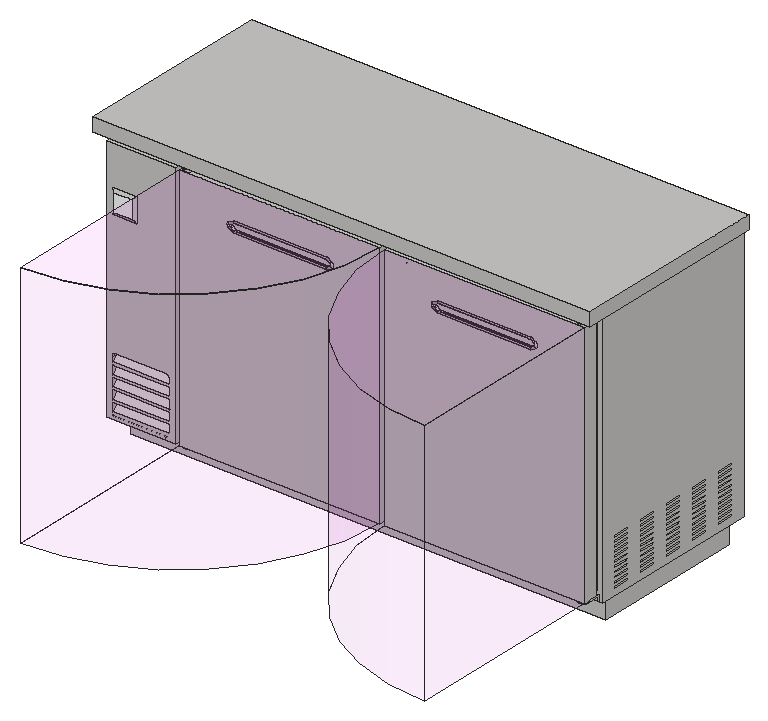
Revit family "QF_Kelvinator_738306_KCHBB60SS", category Specialty Equipment, Revit 2021
Family settings
  Round Connector Dimension = Use Diameter
  Part Type = Normal
  Work Plane-Based = No
  Always vertical = Yes
  Cut with Voids When Loaded = No
  Shared = No
  Room Calculation Point = No
Parameters
  Weight in Pounds = 242.508
  Weight = 112.00 lbm
  Watts = 0 W
  Volts = 115 V
  URL Manufacturer = "KELVINATOR"
  URL Cutsheet = ""
  URL = "KELVINATOR"
  Specification by User = ""
  Specification by Manufacturer = ""
  Serial Number = ""
  Seismic Rating = ""
  SMACNA No = ""
  Revision Code = ""
  Refrigerant Type = "R290"
  Phase = 1
  Number of Poles = 1
  NAFEM Spec ID Number = ""
  Model = "KCHBB60SS"
  Min Ckt Ampacity = 0 A
  Max Overcurrent Protection = 0 A
  Masterspec = ""
  Manufacturer = "Kelvinator"
  Length Actual = 1551"
  Length = 61.063"
  Item Number = "738306"
  Installed By = ""
  Identify Quantity as Lot = yes
  Height Actual = 920"
  Height = 36 1/4"
  HP = "0.4 HP"
  Gas KW = 0
  Furnished By = ""
  Foodservice Equipment Identifier = yes
  FL Amps = 3 A
  Electrical Remarks = ""
  Electric Connection Type = ""
  Elec Conn RI Height = 0"
  Elec Conn Connection Height = 0"
  Description = "2-SOLID DOOR BACK BAR COOLER STAINLESS STEEL 61\" LONG"
  Depth Actual = 620"
  Depth = 24 7/16"
  Default Elevation = 0"
  Cycle = 60 Hz
  Conn Plug = "5-15P"
  Conn Conduit = yes
  CSI MasterFormat = ""
  Apparent Power = 0 VA
  Accessory = no
Reference planes (in)
  plane 1 "BACK": y = 0
  plane 2: z = 0
  plane 3 "LEFT": x = 0
  plane 4 "RIGHT": x = 61.063
  plane 5 "FRONT": y = -24.4375
  plane 6 "TOP": z = 36.25
  plane 7 "Center Y": x = 30.5315
  plane 8 "Center X": y = -12.21875
Dimensions and locks (in)
  equal spacing: plane 3 "LEFT", plane 7 "Center Y", plane 4 "RIGHT"
  "Length": plane 3 "LEFT" to plane 4 "RIGHT"
  equal spacing: plane 5 "FRONT", plane 8 "Center X", plane 1 "BACK"
  "Depth": plane 5 "FRONT" to plane 1 "BACK"
  "Height": plane 6 "TOP" to level
  aligned and locked: level to plane 2
Nested families (in)
  nested 1: "KCHBB48S" at (0, 0, 0), type "KCHBB48S"
    with Show Clearance yes
Connectors (in)
  electrical at (30.53, -0.84, 1.40625), driven by "Volts", driven by "Watts"
    settings: on nested 1, index 1, voltage 115 V, apparent load 0 VA, apparent load phase1 0 VA, apparent load phase2 0 VA, apparent load phase3 0 VA, power factor 1, load classification "Other", number of poles 1, system type 30, power factor state 1, is connector primary yes, connector utility no, sub classification motor no, connector description ""
Definition of nested family "KCHBB48S"
  Parameters (values of type "KCHBB48S")
    Weight in Pounds = 0
    URL Cutsheet = ""
    Specification by User = ""
    Specification by Manufacturer = ""
    Show Clearance [instance] = yes
    Serial Number = ""
    Seismic Rating = ""
    SMACNA No = ""
    Revision Code = ""
    NAFEM Spec ID Number = ""
    Masterspec = ""
    Length = 61.063"
    Item Number = ""
    Installed By = ""
    Identify Quantity as Lot = yes
    Height = 36 1/4"
    Furnished By = ""
    Foodservice Equipment Identifier = yes
    Depth = 24 7/16"
    Default Elevation = 0"
    CSI MasterFormat = ""
  Reference planes (in)
    plane 1 "BACK": y = 0
    plane 2: z = 0
    plane 3 "LEFT": x = 0
    plane 4 "RIGHT": x = 61.063
    plane 5 "FRONT": y = -24.4375
    plane 6 "TOP": z = 36.25
    plane 7 "Center Y": x = 30.5315
    plane 8 "Center X": y = -12.21875
    plane 9: x = 60.46925
    plane 10: x = 0.59675
    plane 11: x = 59.96925
    plane 12: x = 35.36925
    plane 13: x = 34.86875
    plane 14: x = 10.26875
    plane 15: x = 9.68375
    plane 16: x = 1.18375
    plane 17: z = 2.75
    plane 18: z = 34.5875
    plane 19: y = -40.8
    plane 20: y = -21.6
    plane 21: x = 1.34375
    plane 22: x = 59.71925
    plane 23: y = -1.34
    plane 24: y = -20.26
    plane 25: z = 33.8375
    plane 26: z = 3.4375
    plane 27: y = -22.1
    plane 28: x = 1.93375
    plane 29: x = 8.93375
  Forms (in)
    Extrusion 1, solid
      sketch origin (0.59675, -180, -2.6612) x (0, 0, -1) y (0, -1, 0)
        loop
          line (-5.4112, -180) -> (-5.4112, -158.4) -> (-37.2487, -158.4) -> (-37.2487, -180) -> (-5.4112, -180)
      from 0 to -59.8725
    Extrusion 2, solid
      sketch origin (0, 0, 0) x (0, 1, 0) y (0, 0, 1)
        loop
          line (-24.4375, 36.25) -> (-24.4375, 34.5875) -> (0, 34.5875) -> (0, 36.25) -> (-24.4375, 36.25)
      from 0 to 61.063
    Extrusion 3, solid
      sketch origin (0, -1.34, 0) x (0, 0, -1) y (1, 0, 0)
        loop
          line (-2.75, 1.34375) -> (0, 1.34375) -> (0, 59.71925) -> (-2.75, 59.71925) -> (-2.75, 1.34375)
      from 0 to 18.92
    Extrusion 4, solid
      sketch origin (0, -22.1, 34.5875) x (0, 0, 1) y (1, 0, 0)
        loop
          line (-0.75, 1.18375) -> (-0.75, 9.68375) -> (-31.15, 9.68375) -> (-31.15, 1.18375) -> (-0.75, 1.18375)
      from 0.5 to -1.75
    Extrusion 5, void
      sketch origin (1.93375, -180, 12.66737) x (0, 0, -1) y (0, -1, 0)
        loop
          line (8.97987, -157.025) -> (8.97987, -154.65) -> (1.85487, -154.65) -> (1.85487, -157.025) -> (2.10487, -157.025) -> (2.97987, -156.15) -> (3.22987, -156.15) -> (3.22987, -157.025) -> (3.47987, -157.025) -> (4.35487, -156.15) -> (4.60487, -156.15) -> (4.60487, -157.025) -> (4.85487, -157.025) -> (5.72987, -156.15) -> (5.97987, -156.15) -> (5.97987, -157.025) -> (6.22987, -157.025) -> (7.10487, -156.15) -> (7.35487, -156.15) -> (7.35487, -157.025) -> (7.60487, -157.025) -> (8.47987, -156.15) -> (8.72987, -156.15) -> (8.72987, -157.025) -> (8.97987, -157.025)
      from 0 to -7
    Extrusion 6, solid
      sketch origin (59.96925, -23.85, 3.4375) x (0, 0, 1) y (-1, 0, 0)
        loop
          line (7.375, 51.5355) -> (7.375, 57.5355)
          arc (7.375, 57.5355) -> (7.22855, 57.88905) -> (6.875, 58.0355) r 0.5
          line (6.875, 58.0355) -> (0.75, 58.0355)
          arc (0.75, 58.0355) -> (0.39645, 57.88905) -> (0.25, 57.5355) r 0.5
          line (0.25, 57.5355) -> (0.25, 51.5355)
          arc (0.25, 51.5355) -> (0.39645, 51.18195) -> (0.75, 51.0355) r 0.5
          line (0.75, 51.0355) -> (6.875, 51.0355)
          arc (6.875, 51.0355) -> (7.22855, 51.18195) -> (7.375, 51.5355) r 0.5
        loop
          line (7.625, 51.5355) -> (7.625, 57.5355)
          arc (7.625, 57.5355) -> (7.40533, 58.06583) -> (6.875, 58.2855) r 0.75
          line (6.875, 58.2855) -> (0.75, 58.2855)
          arc (0.75, 58.2855) -> (0.21967, 58.06583) -> (0, 57.5355) r 0.75
          line (0, 57.5355) -> (0, 51.5355)
          arc (0, 51.5355) -> (0.21967, 51.00517) -> (0.75, 50.7855) r 0.75
          line (0.75, 50.7855) -> (6.875, 50.7855)
          arc (6.875, 50.7855) -> (7.40533, 51.00517) -> (7.625, 51.5355) r 0.75
      from 0 to -0.875
    Blend 7, solid
      base sketch origin (59.96925, -23.85, 3.4375) x (0, 0, 1) y (-1, 0, 0)
        loop
          line (25.18493, 57.65075) -> (22.93493, 57.65075) -> (22.93493, 55.40075) -> (25.18493, 55.40075) -> (25.18493, 57.65075)
      top sketch origin (59.96925, -23.85, 3.4375) x (0, 0, 1) y (-1, 0, 0)
        loop
          line (25.56493, 58.03075) -> (22.55493, 58.03075) -> (22.55493, 55.02075) -> (25.56493, 55.02075) -> (25.56493, 58.03075)
      from 0.21643 to 0
    Extrusion 8, void
      sketch origin (0.59675, -180, -2.6612) x (0, 0, 1) y (0, -1, 0)
        loop
          arc (12.13379, -160.16063) -> (11.97754, -160.00438) -> (11.82129, -160.16063) r 0.15625
          line (11.82129, -160.16063) -> (11.82129, -162.09813)
          arc (11.82129, -162.09813) -> (11.97754, -162.25438) -> (12.13379, -162.09813) r 0.15625
          line (12.13379, -162.09813) -> (12.13379, -160.16063)
        loop
          arc (11.57129, -160.16063) -> (11.41504, -160.00438) -> (11.25879, -160.16063) r 0.15625
          line (11.25879, -160.16063) -> (11.25879, -162.09813)
          arc (11.25879, -162.09813) -> (11.41504, -162.25438) -> (11.57129, -162.09813) r 0.15625
          line (11.57129, -162.09813) -> (11.57129, -160.16063)
        loop
          arc (11.00879, -160.16063) -> (10.85254, -160.00438) -> (10.69629, -160.16063) r 0.15625
          line (10.69629, -160.16063) -> (10.69629, -162.09813)
          arc (10.69629, -162.09813) -> (10.85254, -162.25438) -> (11.00879, -162.09813) r 0.15625
          line (11.00879, -162.09813) -> (11.00879, -160.16063)
        loop
          arc (10.44629, -160.16063) -> (10.29004, -160.00438) -> (10.13379, -160.16063) r 0.15625
          line (10.13379, -160.16063) -> (10.13379, -162.09813)
          arc (10.13379, -162.09813) -> (10.29004, -162.25438) -> (10.44629, -162.09813) r 0.15625
          line (10.44629, -162.09813) -> (10.44629, -160.16063)
        loop
          arc (9.88379, -160.16063) -> (9.72754, -160.00438) -> (9.57129, -160.16063) r 0.15625
          line (9.57129, -160.16063) -> (9.57129, -162.09813)
          arc (9.57129, -162.09813) -> (9.72754, -162.25438) -> (9.88379, -162.09813) r 0.15625
          line (9.88379, -162.09813) -> (9.88379, -160.16063)
        loop
          arc (9.32129, -160.16063) -> (9.16504, -160.00438) -> (9.00879, -160.16063) r 0.15625
          line (9.00879, -160.16063) -> (9.00879, -162.09813)
          arc (9.00879, -162.09813) -> (9.16504, -162.25438) -> (9.32129, -162.09813) r 0.15625
          line (9.32129, -162.09813) -> (9.32129, -160.16063)
        loop
          arc (8.75879, -160.16063) -> (8.60254, -160.00438) -> (8.44629, -160.16063) r 0.15625
          line (8.44629, -160.16063) -> (8.44629, -162.09813)
          arc (8.44629, -162.09813) -> (8.60254, -162.25438) -> (8.75879, -162.09813) r 0.15625
          line (8.75879, -162.09813) -> (8.75879, -160.16063)
        loop
          arc (8.19629, -160.16063) -> (8.04004, -160.00438) -> (7.88379, -160.16063) r 0.15625
          line (7.88379, -160.16063) -> (7.88379, -162.09813)
          arc (7.88379, -162.09813) -> (8.04004, -162.25438) -> (8.19629, -162.09813) r 0.15625
          line (8.19629, -162.09813) -> (8.19629, -160.16063)
        loop
          arc (7.63379, -160.16063) -> (7.47754, -160.00438) -> (7.32129, -160.16063) r 0.15625
          line (7.32129, -160.16063) -> (7.32129, -162.09813)
          arc (7.32129, -162.09813) -> (7.47754, -162.25438) -> (7.63379, -162.09813) r 0.15625
          line (7.63379, -162.09813) -> (7.63379, -160.16063)
        loop
          arc (7.07129, -160.16063) -> (6.91504, -160.00438) -> (6.75879, -160.16063) r 0.15625
          line (6.75879, -160.16063) -> (6.75879, -162.09813)
          arc (6.75879, -162.09813) -> (6.91504, -162.25438) -> (7.07129, -162.09813) r 0.15625
          line (7.07129, -162.09813) -> (7.07129, -160.16063)
        loop
          arc (6.50879, -160.16063) -> (6.35254, -160.00438) -> (6.19629, -160.16063) r 0.15625
          line (6.19629, -160.16063) -> (6.19629, -162.09813)
          arc (6.19629, -162.09813) -> (6.35254, -162.25438) -> (6.50879, -162.09813) r 0.15625
          line (6.50879, -162.09813) -> (6.50879, -160.16063)
        loop
          arc (12.13379, -164.16063) -> (11.97754, -164.00438) -> (11.82129, -164.16063) r 0.15625
          line (11.82129, -164.16063) -> (11.82129, -166.09813)
          arc (11.82129, -166.09813) -> (11.97754, -166.25438) -> (12.13379, -166.09813) r 0.15625
          line (12.13379, -166.09813) -> (12.13379, -164.16063)
        loop
          arc (11.57129, -164.16063) -> (11.41504, -164.00438) -> (11.25879, -164.16063) r 0.15625
          line (11.25879, -164.16063) -> (11.25879, -166.09813)
          arc (11.25879, -166.09813) -> (11.41504, -166.25438) -> (11.57129, -166.09813) r 0.15625
          line (11.57129, -166.09813) -> (11.57129, -164.16063)
        loop
          arc (11.00879, -164.16063) -> (10.85254, -164.00438) -> (10.69629, -164.16063) r 0.15625
          line (10.69629, -164.16063) -> (10.69629, -166.09813)
          arc (10.69629, -166.09813) -> (10.85254, -166.25438) -> (11.00879, -166.09813) r 0.15625
          line (11.00879, -166.09813) -> (11.00879, -164.16063)
        loop
          arc (10.44629, -164.16063) -> (10.29004, -164.00438) -> (10.13379, -164.16063) r 0.15625
          line (10.13379, -164.16063) -> (10.13379, -166.09813)
          arc (10.13379, -166.09813) -> (10.29004, -166.25438) -> (10.44629, -166.09813) r 0.15625
          line (10.44629, -166.09813) -> (10.44629, -164.16063)
        loop
          arc (9.88379, -164.16063) -> (9.72754, -164.00438) -> (9.57129, -164.16063) r 0.15625
          line (9.57129, -164.16063) -> (9.57129, -166.09813)
          arc (9.57129, -166.09813) -> (9.72754, -166.25438) -> (9.88379, -166.09813) r 0.15625
          line (9.88379, -166.09813) -> (9.88379, -164.16063)
        loop
          arc (9.32129, -164.16063) -> (9.16504, -164.00438) -> (9.00879, -164.16063) r 0.15625
          line (9.00879, -164.16063) -> (9.00879, -166.09813)
          arc (9.00879, -166.09813) -> (9.16504, -166.25438) -> (9.32129, -166.09813) r 0.15625
          line (9.32129, -166.09813) -> (9.32129, -164.16063)
        loop
          arc (8.75879, -164.16063) -> (8.60254, -164.00438) -> (8.44629, -164.16063) r 0.15625
          line (8.44629, -164.16063) -> (8.44629, -166.09813)
          arc (8.44629, -166.09813) -> (8.60254, -166.25438) -> (8.75879, -166.09813) r 0.15625
          line (8.75879, -166.09813) -> (8.75879, -164.16063)
        loop
          arc (8.19629, -164.16063) -> (8.04004, -164.00438) -> (7.88379, -164.16063) r 0.15625
          line (7.88379, -164.16063) -> (7.88379, -166.09813)
          arc (7.88379, -166.09813) -> (8.04004, -166.25438) -> (8.19629, -166.09813) r 0.15625
          line (8.19629, -166.09813) -> (8.19629, -164.16063)
        loop
          arc (7.63379, -164.16063) -> (7.47754, -164.00438) -> (7.32129, -164.16063) r 0.15625
          line (7.32129, -164.16063) -> (7.32129, -166.09813)
          arc (7.32129, -166.09813) -> (7.47754, -166.25438) -> (7.63379, -166.09813) r 0.15625
          line (7.63379, -166.09813) -> (7.63379, -164.16063)
        loop
          arc (7.07129, -164.16063) -> (6.91504, -164.00438) -> (6.75879, -164.16063) r 0.15625
          line (6.75879, -164.16063) -> (6.75879, -166.09813)
          arc (6.75879, -166.09813) -> (6.91504, -166.25438) -> (7.07129, -166.09813) r 0.15625
          line (7.07129, -166.09813) -> (7.07129, -164.16063)
        loop
          arc (6.50879, -164.16063) -> (6.35254, -164.00438) -> (6.19629, -164.16063) r 0.15625
          line (6.19629, -164.16063) -> (6.19629, -166.09813)
          arc (6.19629, -166.09813) -> (6.35254, -166.25438) -> (6.50879, -166.09813) r 0.15625
          line (6.50879, -166.09813) -> (6.50879, -164.16063)
        loop
          arc (12.13379, -168.16063) -> (11.97754, -168.00438) -> (11.82129, -168.16063) r 0.15625
          line (11.82129, -168.16063) -> (11.82129, -170.09813)
          arc (11.82129, -170.09813) -> (11.97754, -170.25438) -> (12.13379, -170.09813) r 0.15625
          line (12.13379, -170.09813) -> (12.13379, -168.16063)
        loop
          arc (11.57129, -168.16063) -> (11.41504, -168.00438) -> (11.25879, -168.16063) r 0.15625
          line (11.25879, -168.16063) -> (11.25879, -170.09813)
          arc (11.25879, -170.09813) -> (11.41504, -170.25438) -> (11.57129, -170.09813) r 0.15625
          line (11.57129, -170.09813) -> (11.57129, -168.16063)
        loop
          arc (11.00879, -168.16063) -> (10.85254, -168.00438) -> (10.69629, -168.16063) r 0.15625
          line (10.69629, -168.16063) -> (10.69629, -170.09813)
          arc (10.69629, -170.09813) -> (10.85254, -170.25438) -> (11.00879, -170.09813) r 0.15625
          line (11.00879, -170.09813) -> (11.00879, -168.16063)
        loop
          arc (10.44629, -168.16063) -> (10.29004, -168.00438) -> (10.13379, -168.16063) r 0.15625
          line (10.13379, -168.16063) -> (10.13379, -170.09813)
          arc (10.13379, -170.09813) -> (10.29004, -170.25438) -> (10.44629, -170.09813) r 0.15625
          line (10.44629, -170.09813) -> (10.44629, -168.16063)
        loop
          arc (9.88379, -168.16063) -> (9.72754, -168.00438) -> (9.57129, -168.16063) r 0.15625
          line (9.57129, -168.16063) -> (9.57129, -170.09813)
          arc (9.57129, -170.09813) -> (9.72754, -170.25438) -> (9.88379, -170.09813) r 0.15625
          line (9.88379, -170.09813) -> (9.88379, -168.16063)
        loop
          arc (9.32129, -168.16063) -> (9.16504, -168.00438) -> (9.00879, -168.16063) r 0.15625
          line (9.00879, -168.16063) -> (9.00879, -170.09813)
          arc (9.00879, -170.09813) -> (9.16504, -170.25438) -> (9.32129, -170.09813) r 0.15625
          line (9.32129, -170.09813) -> (9.32129, -168.16063)
        loop
          arc (8.75879, -168.16063) -> (8.60254, -168.00438) -> (8.44629, -168.16063) r 0.15625
          line (8.44629, -168.16063) -> (8.44629, -170.09813)
          arc (8.44629, -170.09813) -> (8.60254, -170.25438) -> (8.75879, -170.09813) r 0.15625
          line (8.75879, -170.09813) -> (8.75879, -168.16063)
        loop
          arc (8.19629, -168.16063) -> (8.04004, -168.00438) -> (7.88379, -168.16063) r 0.15625
          line (7.88379, -168.16063) -> (7.88379, -170.09813)
          arc (7.88379, -170.09813) -> (8.04004, -170.25438) -> (8.19629, -170.09813) r 0.15625
          line (8.19629, -170.09813) -> (8.19629, -168.16063)
        loop
          arc (7.63379, -168.16063) -> (7.47754, -168.00438) -> (7.32129, -168.16063) r 0.15625
          line (7.32129, -168.16063) -> (7.32129, -170.09813)
          arc (7.32129, -170.09813) -> (7.47754, -170.25438) -> (7.63379, -170.09813) r 0.15625
          line (7.63379, -170.09813) -> (7.63379, -168.16063)
        loop
          arc (7.07129, -168.16063) -> (6.91504, -168.00438) -> (6.75879, -168.16063) r 0.15625
          line (6.75879, -168.16063) -> (6.75879, -170.09813)
          arc (6.75879, -170.09813) -> (6.91504, -170.25438) -> (7.07129, -170.09813) r 0.15625
          line (7.07129, -170.09813) -> (7.07129, -168.16063)
        loop
          arc (6.50879, -168.16063) -> (6.35254, -168.00438) -> (6.19629, -168.16063) r 0.15625
          line (6.19629, -168.16063) -> (6.19629, -170.09813)
          arc (6.19629, -170.09813) -> (6.35254, -170.25438) -> (6.50879, -170.09813) r 0.15625
          line (6.50879, -170.09813) -> (6.50879, -168.16063)
        loop
          arc (12.13379, -172.16063) -> (11.97754, -172.00438) -> (11.82129, -172.16063) r 0.15625
          line (11.82129, -172.16063) -> (11.82129, -174.09813)
          arc (11.82129, -174.09813) -> (11.97754, -174.25438) -> (12.13379, -174.09813) r 0.15625
          line (12.13379, -174.09813) -> (12.13379, -172.16063)
        loop
          arc (11.57129, -172.16063) -> (11.41504, -172.00438) -> (11.25879, -172.16063) r 0.15625
          line (11.25879, -172.16063) -> (11.25879, -174.09813)
          arc (11.25879, -174.09813) -> (11.41504, -174.25438) -> (11.57129, -174.09813) r 0.15625
          line (11.57129, -174.09813) -> (11.57129, -172.16063)
        loop
          arc (11.00879, -172.16063) -> (10.85254, -172.00438) -> (10.69629, -172.16063) r 0.15625
          line (10.69629, -172.16063) -> (10.69629, -174.09813)
          arc (10.69629, -174.09813) -> (10.85254, -174.25438) -> (11.00879, -174.09813) r 0.15625
          line (11.00879, -174.09813) -> (11.00879, -172.16063)
        loop
          arc (10.44629, -172.16063) -> (10.29004, -172.00438) -> (10.13379, -172.16063) r 0.15625
          line (10.13379, -172.16063) -> (10.13379, -174.09813)
          arc (10.13379, -174.09813) -> (10.29004, -174.25438) -> (10.44629, -174.09813) r 0.15625
          line (10.44629, -174.09813) -> (10.44629, -172.16063)
        loop
          arc (9.88379, -172.16063) -> (9.72754, -172.00438) -> (9.57129, -172.16063) r 0.15625
          line (9.57129, -172.16063) -> (9.57129, -174.09813)
          arc (9.57129, -174.09813) -> (9.72754, -174.25438) -> (9.88379, -174.09813) r 0.15625
          line (9.88379, -174.09813) -> (9.88379, -172.16063)
        loop
          arc (9.32129, -172.16063) -> (9.16504, -172.00438) -> (9.00879, -172.16063) r 0.15625
          line (9.00879, -172.16063) -> (9.00879, -174.09813)
          arc (9.00879, -174.09813) -> (9.16504, -174.25438) -> (9.32129, -174.09813) r 0.15625
          line (9.32129, -174.09813) -> (9.32129, -172.16063)
        loop
          arc (8.75879, -172.16063) -> (8.60254, -172.00438) -> (8.44629, -172.16063) r 0.15625
          line (8.44629, -172.16063) -> (8.44629, -174.09813)
          arc (8.44629, -174.09813) -> (8.60254, -174.25438) -> (8.75879, -174.09813) r 0.15625
          line (8.75879, -174.09813) -> (8.75879, -172.16063)
        loop
          arc (8.19629, -172.16063) -> (8.04004, -172.00438) -> (7.88379, -172.16063) r 0.15625
          line (7.88379, -172.16063) -> (7.88379, -174.09813)
          arc (7.88379, -174.09813) -> (8.04004, -174.25438) -> (8.19629, -174.09813) r 0.15625
          line (8.19629, -174.09813) -> (8.19629, -172.16063)
        loop
          arc (7.63379, -172.16063) -> (7.47754, -172.00438) -> (7.32129, -172.16063) r 0.15625
          line (7.32129, -172.16063) -> (7.32129, -174.09813)
          arc (7.32129, -174.09813) -> (7.47754, -174.25438) -> (7.63379, -174.09813) r 0.15625
          line (7.63379, -174.09813) -> (7.63379, -172.16063)
        loop
          arc (7.07129, -172.16063) -> (6.91504, -172.00438) -> (6.75879, -172.16063) r 0.15625
          line (6.75879, -172.16063) -> (6.75879, -174.09813)
          arc (6.75879, -174.09813) -> (6.91504, -174.25438) -> (7.07129, -174.09813) r 0.15625
          line (7.07129, -174.09813) -> (7.07129, -172.16063)
        loop
          arc (6.50879, -172.16063) -> (6.35254, -172.00438) -> (6.19629, -172.16063) r 0.15625
          line (6.19629, -172.16063) -> (6.19629, -174.09813)
          arc (6.19629, -174.09813) -> (6.35254, -174.25438) -> (6.50879, -174.09813) r 0.15625
          line (6.50879, -174.09813) -> (6.50879, -172.16063)
        loop
          arc (12.13379, -176.16063) -> (11.97754, -176.00438) -> (11.82129, -176.16063) r 0.15625
          line (11.82129, -176.16063) -> (11.82129, -178.09813)
          arc (11.82129, -178.09813) -> (11.97754, -178.25438) -> (12.13379, -178.09813) r 0.15625
          line (12.13379, -178.09813) -> (12.13379, -176.16063)
        loop
          arc (11.57129, -176.16063) -> (11.41504, -176.00438) -> (11.25879, -176.16063) r 0.15625
          line (11.25879, -176.16063) -> (11.25879, -178.09813)
          arc (11.25879, -178.09813) -> (11.41504, -178.25438) -> (11.57129, -178.09813) r 0.15625
          line (11.57129, -178.09813) -> (11.57129, -176.16063)
        loop
          arc (11.00879, -176.16063) -> (10.85254, -176.00438) -> (10.69629, -176.16063) r 0.15625
          line (10.69629, -176.16063) -> (10.69629, -178.09813)
          arc (10.69629, -178.09813) -> (10.85254, -178.25438) -> (11.00879, -178.09813) r 0.15625
          line (11.00879, -178.09813) -> (11.00879, -176.16063)
        loop
          arc (10.44629, -176.16063) -> (10.29004, -176.00438) -> (10.13379, -176.16063) r 0.15625
          line (10.13379, -176.16063) -> (10.13379, -178.09813)
          arc (10.13379, -178.09813) -> (10.29004, -178.25438) -> (10.44629, -178.09813) r 0.15625
          line (10.44629, -178.09813) -> (10.44629, -176.16063)
        loop
          arc (9.88379, -176.16063) -> (9.72754, -176.00438) -> (9.57129, -176.16063) r 0.15625
          line (9.57129, -176.16063) -> (9.57129, -178.09813)
          arc (9.57129, -178.09813) -> (9.72754, -178.25438) -> (9.88379, -178.09813) r 0.15625
          line (9.88379, -178.09813) -> (9.88379, -176.16063)
        loop
          arc (9.32129, -176.16063) -> (9.16504, -176.00438) -> (9.00879, -176.16063) r 0.15625
          line (9.00879, -176.16063) -> (9.00879, -178.09813)
          arc (9.00879, -178.09813) -> (9.16504, -178.25438) -> (9.32129, -178.09813) r 0.15625
          line (9.32129, -178.09813) -> (9.32129, -176.16063)
        loop
          arc (8.75879, -176.16063) -> (8.60254, -176.00438) -> (8.44629, -176.16063) r 0.15625
          line (8.44629, -176.16063) -> (8.44629, -178.09813)
          arc (8.44629, -178.09813) -> (8.60254, -178.25438) -> (8.75879, -178.09813) r 0.15625
          line (8.75879, -178.09813) -> (8.75879, -176.16063)
        loop
          arc (8.19629, -176.16063) -> (8.04004, -176.00438) -> (7.88379, -176.16063) r 0.15625
          line (7.88379, -176.16063) -> (7.88379, -178.09813)
          arc (7.88379, -178.09813) -> (8.04004, -178.25438) -> (8.19629, -178.09813) r 0.15625
          line (8.19629, -178.09813) -> (8.19629, -176.16063)
        loop
          arc (7.63379, -176.16063) -> (7.47754, -176.00438) -> (7.32129, -176.16063) r 0.15625
          line (7.32129, -176.16063) -> (7.32129, -178.09813)
          arc (7.32129, -178.09813) -> (7.47754, -178.25438) -> (7.63379, -178.09813) r 0.15625
          line (7.63379, -178.09813) -> (7.63379, -176.16063)
        loop
          arc (7.07129, -176.16063) -> (6.91504, -176.00438) -> (6.75879, -176.16063) r 0.15625
          line (6.75879, -176.16063) -> (6.75879, -178.09813)
          arc (6.75879, -178.09813) -> (6.91504, -178.25438) -> (7.07129, -178.09813) r 0.15625
          line (7.07129, -178.09813) -> (7.07129, -176.16063)
        loop
          arc (6.50879, -176.16063) -> (6.35254, -176.00438) -> (6.19629, -176.16063) r 0.15625
          line (6.19629, -176.16063) -> (6.19629, -178.09813)
          arc (6.19629, -178.09813) -> (6.35254, -178.25438) -> (6.50879, -178.09813) r 0.15625
          line (6.50879, -178.09813) -> (6.50879, -176.16063)
      from 0 to 0.03
    Extrusion 9, void
      sketch origin (60.46925, -180, -2.6612) x (0, 0, -1) y (0, -1, 0)
        loop
          line (-12.13379, -160.16063) -> (-12.13379, -162.09813)
          arc (-12.13379, -162.09813) -> (-11.97754, -162.25438) -> (-11.82129, -162.09813) r 0.15625
          line (-11.82129, -162.09813) -> (-11.82129, -160.16063)
          arc (-11.82129, -160.16063) -> (-11.97754, -160.00438) -> (-12.13379, -160.16063) r 0.15625
        loop
          line (-11.57129, -160.16063) -> (-11.57129, -162.09813)
          arc (-11.57129, -162.09813) -> (-11.41504, -162.25438) -> (-11.25879, -162.09813) r 0.15625
          line (-11.25879, -162.09813) -> (-11.25879, -160.16063)
          arc (-11.25879, -160.16063) -> (-11.41504, -160.00438) -> (-11.57129, -160.16063) r 0.15625
        loop
          line (-11.00879, -160.16063) -> (-11.00879, -162.09813)
          arc (-11.00879, -162.09813) -> (-10.85254, -162.25438) -> (-10.69629, -162.09813) r 0.15625
          line (-10.69629, -162.09813) -> (-10.69629, -160.16063)
          arc (-10.69629, -160.16063) -> (-10.85254, -160.00438) -> (-11.00879, -160.16063) r 0.15625
        loop
          line (-10.44629, -160.16063) -> (-10.44629, -162.09813)
          arc (-10.44629, -162.09813) -> (-10.29004, -162.25438) -> (-10.13379, -162.09813) r 0.15625
          line (-10.13379, -162.09813) -> (-10.13379, -160.16063)
          arc (-10.13379, -160.16063) -> (-10.29004, -160.00438) -> (-10.44629, -160.16063) r 0.15625
        loop
          line (-9.88379, -160.16063) -> (-9.88379, -162.09813)
          arc (-9.88379, -162.09813) -> (-9.72754, -162.25438) -> (-9.57129, -162.09813) r 0.15625
          line (-9.57129, -162.09813) -> (-9.57129, -160.16063)
          arc (-9.57129, -160.16063) -> (-9.72754, -160.00438) -> (-9.88379, -160.16063) r 0.15625
        loop
          line (-9.32129, -160.16063) -> (-9.32129, -162.09813)
          arc (-9.32129, -162.09813) -> (-9.16504, -162.25438) -> (-9.00879, -162.09813) r 0.15625
          line (-9.00879, -162.09813) -> (-9.00879, -160.16063)
          arc (-9.00879, -160.16063) -> (-9.16504, -160.00438) -> (-9.32129, -160.16063) r 0.15625
        loop
          line (-8.75879, -160.16063) -> (-8.75879, -162.09813)
          arc (-8.75879, -162.09813) -> (-8.60254, -162.25438) -> (-8.44629, -162.09813) r 0.15625
          line (-8.44629, -162.09813) -> (-8.44629, -160.16063)
          arc (-8.44629, -160.16063) -> (-8.60254, -160.00438) -> (-8.75879, -160.16063) r 0.15625
        loop
          line (-8.19629, -160.16063) -> (-8.19629, -162.09813)
          arc (-8.19629, -162.09813) -> (-8.04004, -162.25438) -> (-7.88379, -162.09813) r 0.15625
          line (-7.88379, -162.09813) -> (-7.88379, -160.16063)
          arc (-7.88379, -160.16063) -> (-8.04004, -160.00438) -> (-8.19629, -160.16063) r 0.15625
        loop
          line (-7.63379, -160.16063) -> (-7.63379, -162.09813)
          arc (-7.63379, -162.09813) -> (-7.47754, -162.25438) -> (-7.32129, -162.09813) r 0.15625
          line (-7.32129, -162.09813) -> (-7.32129, -160.16063)
          arc (-7.32129, -160.16063) -> (-7.47754, -160.00438) -> (-7.63379, -160.16063) r 0.15625
        loop
          line (-7.07129, -160.16063) -> (-7.07129, -162.09813)
          arc (-7.07129, -162.09813) -> (-6.91504, -162.25438) -> (-6.75879, -162.09813) r 0.15625
          line (-6.75879, -162.09813) -> (-6.75879, -160.16063)
          arc (-6.75879, -160.16063) -> (-6.91504, -160.00438) -> (-7.07129, -160.16063) r 0.15625
        loop
          line (-6.50879, -160.16063) -> (-6.50879, -162.09813)
          arc (-6.50879, -162.09813) -> (-6.35254, -162.25438) -> (-6.19629, -162.09813) r 0.15625
          line (-6.19629, -162.09813) -> (-6.19629, -160.16063)
          arc (-6.19629, -160.16063) -> (-6.35254, -160.00438) -> (-6.50879, -160.16063) r 0.15625
        loop
          line (-12.13379, -164.16063) -> (-12.13379, -166.09813)
          arc (-12.13379, -166.09813) -> (-11.97754, -166.25438) -> (-11.82129, -166.09813) r 0.15625
          line (-11.82129, -166.09813) -> (-11.82129, -164.16063)
          arc (-11.82129, -164.16063) -> (-11.97754, -164.00438) -> (-12.13379, -164.16063) r 0.15625
        loop
          line (-11.57129, -164.16063) -> (-11.57129, -166.09813)
          arc (-11.57129, -166.09813) -> (-11.41504, -166.25438) -> (-11.25879, -166.09813) r 0.15625
          line (-11.25879, -166.09813) -> (-11.25879, -164.16063)
          arc (-11.25879, -164.16063) -> (-11.41504, -164.00438) -> (-11.57129, -164.16063) r 0.15625
        loop
          line (-11.00879, -164.16063) -> (-11.00879, -166.09813)
          arc (-11.00879, -166.09813) -> (-10.85254, -166.25438) -> (-10.69629, -166.09813) r 0.15625
          line (-10.69629, -166.09813) -> (-10.69629, -164.16063)
          arc (-10.69629, -164.16063) -> (-10.85254, -164.00438) -> (-11.00879, -164.16063) r 0.15625
        loop
          line (-10.44629, -164.16063) -> (-10.44629, -166.09813)
          arc (-10.44629, -166.09813) -> (-10.29004, -166.25438) -> (-10.13379, -166.09813) r 0.15625
          line (-10.13379, -166.09813) -> (-10.13379, -164.16063)
          arc (-10.13379, -164.16063) -> (-10.29004, -164.00438) -> (-10.44629, -164.16063) r 0.15625
        loop
          line (-9.88379, -164.16063) -> (-9.88379, -166.09813)
          arc (-9.88379, -166.09813) -> (-9.72754, -166.25438) -> (-9.57129, -166.09813) r 0.15625
          line (-9.57129, -166.09813) -> (-9.57129, -164.16063)
          arc (-9.57129, -164.16063) -> (-9.72754, -164.00438) -> (-9.88379, -164.16063) r 0.15625
        loop
          line (-9.32129, -164.16063) -> (-9.32129, -166.09813)
          arc (-9.32129, -166.09813) -> (-9.16504, -166.25438) -> (-9.00879, -166.09813) r 0.15625
          line (-9.00879, -166.09813) -> (-9.00879, -164.16063)
          arc (-9.00879, -164.16063) -> (-9.16504, -164.00438) -> (-9.32129, -164.16063) r 0.15625
        loop
          line (-8.75879, -164.16063) -> (-8.75879, -166.09813)
          arc (-8.75879, -166.09813) -> (-8.60254, -166.25438) -> (-8.44629, -166.09813) r 0.15625
          line (-8.44629, -166.09813) -> (-8.44629, -164.16063)
          arc (-8.44629, -164.16063) -> (-8.60254, -164.00438) -> (-8.75879, -164.16063) r 0.15625
        loop
          line (-8.19629, -164.16063) -> (-8.19629, -166.09813)
          arc (-8.19629, -166.09813) -> (-8.04004, -166.25438) -> (-7.88379, -166.09813) r 0.15625
          line (-7.88379, -166.09813) -> (-7.88379, -164.16063)
          arc (-7.88379, -164.16063) -> (-8.04004, -164.00438) -> (-8.19629, -164.16063) r 0.15625
        loop
          line (-7.63379, -164.16063) -> (-7.63379, -166.09813)
          arc (-7.63379, -166.09813) -> (-7.47754, -166.25438) -> (-7.32129, -166.09813) r 0.15625
          line (-7.32129, -166.09813) -> (-7.32129, -164.16063)
          arc (-7.32129, -164.16063) -> (-7.47754, -164.00438) -> (-7.63379, -164.16063) r 0.15625
        loop
          line (-7.07129, -164.16063) -> (-7.07129, -166.09813)
          arc (-7.07129, -166.09813) -> (-6.91504, -166.25438) -> (-6.75879, -166.09813) r 0.15625
          line (-6.75879, -166.09813) -> (-6.75879, -164.16063)
          arc (-6.75879, -164.16063) -> (-6.91504, -164.00438) -> (-7.07129, -164.16063) r 0.15625
        loop
          line (-6.50879, -164.16063) -> (-6.50879, -166.09813)
          arc (-6.50879, -166.09813) -> (-6.35254, -166.25438) -> (-6.19629, -166.09813) r 0.15625
          line (-6.19629, -166.09813) -> (-6.19629, -164.16063)
          arc (-6.19629, -164.16063) -> (-6.35254, -164.00438) -> (-6.50879, -164.16063) r 0.15625
        loop
          line (-12.13379, -168.16063) -> (-12.13379, -170.09813)
          arc (-12.13379, -170.09813) -> (-11.97754, -170.25438) -> (-11.82129, -170.09813) r 0.15625
          line (-11.82129, -170.09813) -> (-11.82129, -168.16063)
          arc (-11.82129, -168.16063) -> (-11.97754, -168.00438) -> (-12.13379, -168.16063) r 0.15625
        loop
          line (-11.57129, -168.16063) -> (-11.57129, -170.09813)
          arc (-11.57129, -170.09813) -> (-11.41504, -170.25438) -> (-11.25879, -170.09813) r 0.15625
          line (-11.25879, -170.09813) -> (-11.25879, -168.16063)
          arc (-11.25879, -168.16063) -> (-11.41504, -168.00438) -> (-11.57129, -168.16063) r 0.15625
        loop
          line (-11.00879, -168.16063) -> (-11.00879, -170.09813)
          arc (-11.00879, -170.09813) -> (-10.85254, -170.25438) -> (-10.69629, -170.09813) r 0.15625
          line (-10.69629, -170.09813) -> (-10.69629, -168.16063)
          arc (-10.69629, -168.16063) -> (-10.85254, -168.00438) -> (-11.00879, -168.16063) r 0.15625
        loop
          line (-10.44629, -168.16063) -> (-10.44629, -170.09813)
          arc (-10.44629, -170.09813) -> (-10.29004, -170.25438) -> (-10.13379, -170.09813) r 0.15625
          line (-10.13379, -170.09813) -> (-10.13379, -168.16063)
          arc (-10.13379, -168.16063) -> (-10.29004, -168.00438) -> (-10.44629, -168.16063) r 0.15625
        loop
          line (-9.88379, -168.16063) -> (-9.88379, -170.09813)
          arc (-9.88379, -170.09813) -> (-9.72754, -170.25438) -> (-9.57129, -170.09813) r 0.15625
          line (-9.57129, -170.09813) -> (-9.57129, -168.16063)
          arc (-9.57129, -168.16063) -> (-9.72754, -168.00438) -> (-9.88379, -168.16063) r 0.15625
        loop
          line (-9.32129, -168.16063) -> (-9.32129, -170.09813)
          arc (-9.32129, -170.09813) -> (-9.16504, -170.25438) -> (-9.00879, -170.09813) r 0.15625
          line (-9.00879, -170.09813) -> (-9.00879, -168.16063)
          arc (-9.00879, -168.16063) -> (-9.16504, -168.00438) -> (-9.32129, -168.16063) r 0.15625
        loop
          line (-8.75879, -168.16063) -> (-8.75879, -170.09813)
          arc (-8.75879, -170.09813) -> (-8.60254, -170.25438) -> (-8.44629, -170.09813) r 0.15625
          line (-8.44629, -170.09813) -> (-8.44629, -168.16063)
          arc (-8.44629, -168.16063) -> (-8.60254, -168.00438) -> (-8.75879, -168.16063) r 0.15625
        loop
          line (-8.19629, -168.16063) -> (-8.19629, -170.09813)
          arc (-8.19629, -170.09813) -> (-8.04004, -170.25438) -> (-7.88379, -170.09813) r 0.15625
          line (-7.88379, -170.09813) -> (-7.88379, -168.16063)
          arc (-7.88379, -168.16063) -> (-8.04004, -168.00438) -> (-8.19629, -168.16063) r 0.15625
        loop
          line (-7.63379, -168.16063) -> (-7.63379, -170.09813)
          arc (-7.63379, -170.09813) -> (-7.47754, -170.25438) -> (-7.32129, -170.09813) r 0.15625
          line (-7.32129, -170.09813) -> (-7.32129, -168.16063)
          arc (-7.32129, -168.16063) -> (-7.47754, -168.00438) -> (-7.63379, -168.16063) r 0.15625
        loop
          line (-7.07129, -168.16063) -> (-7.07129, -170.09813)
          arc (-7.07129, -170.09813) -> (-6.91504, -170.25438) -> (-6.75879, -170.09813) r 0.15625
          line (-6.75879, -170.09813) -> (-6.75879, -168.16063)
          arc (-6.75879, -168.16063) -> (-6.91504, -168.00438) -> (-7.07129, -168.16063) r 0.15625
        loop
          line (-6.50879, -168.16063) -> (-6.50879, -170.09813)
          arc (-6.50879, -170.09813) -> (-6.35254, -170.25438) -> (-6.19629, -170.09813) r 0.15625
          line (-6.19629, -170.09813) -> (-6.19629, -168.16063)
          arc (-6.19629, -168.16063) -> (-6.35254, -168.00438) -> (-6.50879, -168.16063) r 0.15625
        loop
          line (-12.13379, -172.16063) -> (-12.13379, -174.09813)
          arc (-12.13379, -174.09813) -> (-11.97754, -174.25438) -> (-11.82129, -174.09813) r 0.15625
          line (-11.82129, -174.09813) -> (-11.82129, -172.16063)
          arc (-11.82129, -172.16063) -> (-11.97754, -172.00438) -> (-12.13379, -172.16063) r 0.15625
        loop
          line (-11.57129, -172.16063) -> (-11.57129, -174.09813)
          arc (-11.57129, -174.09813) -> (-11.41504, -174.25438) -> (-11.25879, -174.09813) r 0.15625
          line (-11.25879, -174.09813) -> (-11.25879, -172.16063)
          arc (-11.25879, -172.16063) -> (-11.41504, -172.00438) -> (-11.57129, -172.16063) r 0.15625
        loop
          line (-11.00879, -172.16063) -> (-11.00879, -174.09813)
          arc (-11.00879, -174.09813) -> (-10.85254, -174.25438) -> (-10.69629, -174.09813) r 0.15625
          line (-10.69629, -174.09813) -> (-10.69629, -172.16063)
          arc (-10.69629, -172.16063) -> (-10.85254, -172.00438) -> (-11.00879, -172.16063) r 0.15625
        loop
          line (-10.44629, -172.16063) -> (-10.44629, -174.09813)
          arc (-10.44629, -174.09813) -> (-10.29004, -174.25438) -> (-10.13379, -174.09813) r 0.15625
          line (-10.13379, -174.09813) -> (-10.13379, -172.16063)
          arc (-10.13379, -172.16063) -> (-10.29004, -172.00438) -> (-10.44629, -172.16063) r 0.15625
        loop
          line (-9.88379, -172.16063) -> (-9.88379, -174.09813)
          arc (-9.88379, -174.09813) -> (-9.72754, -174.25438) -> (-9.57129, -174.09813) r 0.15625
          line (-9.57129, -174.09813) -> (-9.57129, -172.16063)
          arc (-9.57129, -172.16063) -> (-9.72754, -172.00438) -> (-9.88379, -172.16063) r 0.15625
        loop
          line (-9.32129, -172.16063) -> (-9.32129, -174.09813)
          arc (-9.32129, -174.09813) -> (-9.16504, -174.25438) -> (-9.00879, -174.09813) r 0.15625
          line (-9.00879, -174.09813) -> (-9.00879, -172.16063)
          arc (-9.00879, -172.16063) -> (-9.16504, -172.00438) -> (-9.32129, -172.16063) r 0.15625
        loop
          line (-8.75879, -172.16063) -> (-8.75879, -174.09813)
          arc (-8.75879, -174.09813) -> (-8.60254, -174.25438) -> (-8.44629, -174.09813) r 0.15625
          line (-8.44629, -174.09813) -> (-8.44629, -172.16063)
          arc (-8.44629, -172.16063) -> (-8.60254, -172.00438) -> (-8.75879, -172.16063) r 0.15625
        loop
          line (-8.19629, -172.16063) -> (-8.19629, -174.09813)
          arc (-8.19629, -174.09813) -> (-8.04004, -174.25438) -> (-7.88379, -174.09813) r 0.15625
          line (-7.88379, -174.09813) -> (-7.88379, -172.16063)
          arc (-7.88379, -172.16063) -> (-8.04004, -172.00438) -> (-8.19629, -172.16063) r 0.15625
        loop
          line (-7.63379, -172.16063) -> (-7.63379, -174.09813)
          arc (-7.63379, -174.09813) -> (-7.47754, -174.25438) -> (-7.32129, -174.09813) r 0.15625
          line (-7.32129, -174.09813) -> (-7.32129, -172.16063)
          arc (-7.32129, -172.16063) -> (-7.47754, -172.00438) -> (-7.63379, -172.16063) r 0.15625
        loop
          line (-7.07129, -172.16063) -> (-7.07129, -174.09813)
          arc (-7.07129, -174.09813) -> (-6.91504, -174.25438) -> (-6.75879, -174.09813) r 0.15625
          line (-6.75879, -174.09813) -> (-6.75879, -172.16063)
          arc (-6.75879, -172.16063) -> (-6.91504, -172.00438) -> (-7.07129, -172.16063) r 0.15625
        loop
          line (-6.50879, -172.16063) -> (-6.50879, -174.09813)
          arc (-6.50879, -174.09813) -> (-6.35254, -174.25438) -> (-6.19629, -174.09813) r 0.15625
          line (-6.19629, -174.09813) -> (-6.19629, -172.16063)
          arc (-6.19629, -172.16063) -> (-6.35254, -172.00438) -> (-6.50879, -172.16063) r 0.15625
        loop
          line (-12.13379, -176.16063) -> (-12.13379, -178.09813)
          arc (-12.13379, -178.09813) -> (-11.97754, -178.25438) -> (-11.82129, -178.09813) r 0.15625
          line (-11.82129, -178.09813) -> (-11.82129, -176.16063)
          arc (-11.82129, -176.16063) -> (-11.97754, -176.00438) -> (-12.13379, -176.16063) r 0.15625
        loop
          line (-11.57129, -176.16063) -> (-11.57129, -178.09813)
          arc (-11.57129, -178.09813) -> (-11.41504, -178.25438) -> (-11.25879, -178.09813) r 0.15625
          line (-11.25879, -178.09813) -> (-11.25879, -176.16063)
          arc (-11.25879, -176.16063) -> (-11.41504, -176.00438) -> (-11.57129, -176.16063) r 0.15625
        loop
          line (-11.00879, -176.16063) -> (-11.00879, -178.09813)
          arc (-11.00879, -178.09813) -> (-10.85254, -178.25438) -> (-10.69629, -178.09813) r 0.15625
          line (-10.69629, -178.09813) -> (-10.69629, -176.16063)
          arc (-10.69629, -176.16063) -> (-10.85254, -176.00438) -> (-11.00879, -176.16063) r 0.15625
        loop
          line (-10.44629, -176.16063) -> (-10.44629, -178.09813)
          arc (-10.44629, -178.09813) -> (-10.29004, -178.25438) -> (-10.13379, -178.09813) r 0.15625
          line (-10.13379, -178.09813) -> (-10.13379, -176.16063)
          arc (-10.13379, -176.16063) -> (-10.29004, -176.00438) -> (-10.44629, -176.16063) r 0.15625
        loop
          line (-9.88379, -176.16063) -> (-9.88379, -178.09813)
          arc (-9.88379, -178.09813) -> (-9.72754, -178.25438) -> (-9.57129, -178.09813) r 0.15625
          line (-9.57129, -178.09813) -> (-9.57129, -176.16063)
          arc (-9.57129, -176.16063) -> (-9.72754, -176.00438) -> (-9.88379, -176.16063) r 0.15625
        loop
          line (-9.32129, -176.16063) -> (-9.32129, -178.09813)
          arc (-9.32129, -178.09813) -> (-9.16504, -178.25438) -> (-9.00879, -178.09813) r 0.15625
          line (-9.00879, -178.09813) -> (-9.00879, -176.16063)
          arc (-9.00879, -176.16063) -> (-9.16504, -176.00438) -> (-9.32129, -176.16063) r 0.15625
        loop
          line (-8.75879, -176.16063) -> (-8.75879, -178.09813)
          arc (-8.75879, -178.09813) -> (-8.60254, -178.25438) -> (-8.44629, -178.09813) r 0.15625
          line (-8.44629, -178.09813) -> (-8.44629, -176.16063)
          arc (-8.44629, -176.16063) -> (-8.60254, -176.00438) -> (-8.75879, -176.16063) r 0.15625
        loop
          line (-8.19629, -176.16063) -> (-8.19629, -178.09813)
          arc (-8.19629, -178.09813) -> (-8.04004, -178.25438) -> (-7.88379, -178.09813) r 0.15625
          line (-7.88379, -178.09813) -> (-7.88379, -176.16063)
          arc (-7.88379, -176.16063) -> (-8.04004, -176.00438) -> (-8.19629, -176.16063) r 0.15625
        loop
          line (-7.63379, -176.16063) -> (-7.63379, -178.09813)
          arc (-7.63379, -178.09813) -> (-7.47754, -178.25438) -> (-7.32129, -178.09813) r 0.15625
          line (-7.32129, -178.09813) -> (-7.32129, -176.16063)
          arc (-7.32129, -176.16063) -> (-7.47754, -176.00438) -> (-7.63379, -176.16063) r 0.15625
        loop
          line (-7.07129, -176.16063) -> (-7.07129, -178.09813)
          arc (-7.07129, -178.09813) -> (-6.91504, -178.25438) -> (-6.75879, -178.09813) r 0.15625
          line (-6.75879, -178.09813) -> (-6.75879, -176.16063)
          arc (-6.75879, -176.16063) -> (-6.91504, -176.00438) -> (-7.07129, -176.16063) r 0.15625
        loop
          line (-6.50879, -176.16063) -> (-6.50879, -178.09813)
          arc (-6.50879, -178.09813) -> (-6.35254, -178.25438) -> (-6.19629, -178.09813) r 0.15625
          line (-6.19629, -178.09813) -> (-6.19629, -176.16063)
          arc (-6.19629, -176.16063) -> (-6.35254, -176.00438) -> (-6.50879, -176.16063) r 0.15625
      from 0 to 0.03
    Extrusion 10, solid
      sketch origin (0, -1.34, 0) x (0, 0, 1) y (1, 0, 0)
        loop
          circle (1.40625, 30.53) r 0.25
      from 0 to 0.5
  Cuts and joins
    Extrusion 5 cuts Extrusion 4
    joined: Extrusion 4, Extrusion 6
    Extrusion 8, Extrusion 9 cuts Extrusion 1
  Lines and regions (in)
    Split face 1
      outline origin (3.4435, -24.06643, 28.62243) x (1, 0, 0) y (0, 0.49491, 0.868944)
        loop
          line (-1.21875, 0.43731) -> (-0.97039, 0.18895) -> (0.97039, 0.18895) -> (1.21875, 0.43731)
    Split face 2
      outline origin (2.3185, -24.06643, 27.49743) x (0, 0, 1) y (-0.868944, 0.49491, 0)
        loop
          line (1.18615, 0.43731) -> (0.93617, 0.18733) -> (-0.93617, 0.18733) -> (-1.18615, 0.43731)
    Split face 3
      outline origin (4.5685, -24.06643, 27.49743) x (0, 0, -1) y (0.868944, 0.49491, 0)
        loop
          line (-1.19007, 0.43731) -> (-0.98384, 0.15014) -> (0.98384, 0.15014) -> (1.19007, 0.43731)
    Split face 4
      outline origin (3.4435, -24.06643, 26.37243) x (-1, 0, 0) y (0, 0.49491, -0.868944)
        loop
          line (1.22528, 0.43731) -> (0.97787, 0.1899) -> (-0.97787, 0.1899) -> (-1.22528, 0.43731)
    Split face 5
      outline origin (59.96925, -24.06643, 3.4375) x (0, 0, 1) y (-1, 0, 0)
        loop
          line (24.38945, 57.65075) -> (24.38945, 55.40075)
    Split face 6
      outline origin (59.96925, -24.06643, 3.4375) x (0, 0, 1) y (-1, 0, 0)
        loop
          line (24.25741, 56.81172) -> (23.12376, 56.81172) -> (23.12376, 56.18657) -> (24.25741, 56.18657) -> (24.25741, 56.81172)
    Split face 7
      outline origin (59.96925, -24.06643, 3.4375) x (0, 0, 1) y (-1, 0, 0)
        loop
          line (24.19741, 56.24657) -> (24.19741, 56.75172) -> (23.18376, 56.75172) -> (23.18376, 56.24657) -> (24.19741, 56.24657)
    symbolic lines
      curve 1: line (61.063, 0, 0) -> (0, 0, 0)
      curve 2: line (0, 0, 0) -> (0, -24.4375, 0)
      curve 3: line (0, -24.4375, 0) -> (61.063, -24.4375, 0)
      curve 4: line (61.063, -24.4375, 0) -> (61.063, 0, 0)
  Dimensions and locks (in)
    equal spacing: plane 3 "LEFT", plane 7 "Center Y", plane 4 "RIGHT"
    "Length": plane 3 "LEFT" to plane 4 "RIGHT"
    equal spacing: plane 5 "FRONT", plane 8 "Center X", plane 1 "BACK"
    "Depth": plane 5 "FRONT" to plane 1 "BACK"
    "Height": plane 6 "TOP" to level
    plane 10 to plane 9 = 59.8725"
    plane 4 "RIGHT" to plane 3 "LEFT" = 61.063"
    plane 6 "TOP" to plane 17 = 33 1/2"
    plane 19 to plane 1 "BACK" = 40.8"
    plane 5 "FRONT" to plane 1 "BACK" = 24 7/16"
    plane 20 to plane 1 "BACK" = 21.6"
    plane 12 to plane 11 = 24.6"
    plane 14 to plane 13 = 24.6"
    locked: plane 9 to plane 22 at 0.75
    locked: plane 9 to plane 4 "RIGHT" at 0.59375
    locked: plane 11 to plane 9 at 0.5
    plane 16 to plane 15 = 8 1/2"
    aligned and locked: level to plane 2
    aligned and locked: Extrusion 2 to plane 4 "RIGHT"
    aligned and locked: cut or joined group of Extrusion 1, Extrusion 8, Extrusion 9 to plane 9
    aligned and locked: plane 22 to Extrusion 3
    aligned and locked: nested 2 to plane 11
  Automatic sketch dimensions
    plane 1 "BACK" to curve 1 = 0"
    curve 1 to plane 3 "LEFT" = 0"
    curve 3 to plane 4 "RIGHT" = 0"
    plane 5 "FRONT" to curve 3 = 0"
    Extrusion 1 sketch curve to plane 1 "BACK" = 0"
    plane 18 to Extrusion 1 sketch curve = 0"
    plane 17 to Extrusion 1 sketch curve = 0"
    Extrusion 1 sketch curve to plane 20 = 0"
    Extrusion 2 sketch curve to plane 5 "FRONT" = 0"
    Extrusion 2 sketch curve to plane 1 "BACK" = 0"
    plane 18 to Extrusion 2 sketch curve = 0"
    Extrusion 2 sketch curve to plane 6 "TOP" = 0"
    Extrusion 3 sketch curve to plane 17 = 0"
    Extrusion 3 sketch curve to level = 0"
    plane 21 to Extrusion 3 sketch curve = 0"
    Extrusion 3 sketch curve to plane 22 = 0"
    plane 16 to Extrusion 4 sketch curve = 0"
    Extrusion 4 sketch curve to plane 26 = 0"
    Extrusion 4 sketch curve to plane 25 = 0"
    plane 15 to Extrusion 4 sketch curve = 0"
    plane 5 "FRONT" to Extrusion 5 sketch curve = 0.9125"
    Extrusion 5 sketch curve to plane 26 = 7 3/8"
    Extrusion 5 sketch curve to plane 27 = 7/8"  (x6)
    Extrusion 5 sketch curve to Extrusion 5 sketch curve = 1/4"  (x10)
    Extrusion 5 sketch curve to plane 5 "FRONT" = 0.5875"  (x5)
    Extrusion 5 sketch curve to Extrusion 5 sketch curve = 7/8"
    Extrusion 5 sketch curve to Extrusion 5 sketch curve = 1 1/8"  (x3)
    Extrusion 5 sketch curve to plane 26 = 3/4"
    Extrusion 5 sketch curve to plane 26 = 1/4"
    Extrusion 6 sketch curve to Extrusion 6 sketch curve = 0"  (x8)
    Extrusion 6 sketch curve to plane 26 = 0"
    plane 29 to Extrusion 6 sketch curve = 0"
    Extrusion 6 sketch curve to plane 28 = 0"
    Extrusion 6 sketch curve to plane 26 = 1/4"
    Extrusion 6 sketch curve to Extrusion 6 sketch curve = 1/2"  (x3)
    plane 29 to Extrusion 6 sketch curve = 1/2"
    Extrusion 6 sketch curve to Extrusion 6 sketch curve = 6 1/8"
    plane 28 to Blend 7 sketch curve = 0.38475"
    plane 25 to Blend 7 sketch curve = 7.46507"
    Blend 7 sketch curve to Blend 7 sketch curve = 2 1/4"  (x2)
    plane 28 to Blend 7 sketch curve = 0.00475"
    plane 25 to Blend 7 sketch curve = 7.84507"
    Blend 7 sketch curve to Blend 7 sketch curve = 3.01"  (x2)
    Extrusion 1 to Extrusion 8 sketch curve = 0.78509"  (x5)
    Extrusion 8 sketch curve to Extrusion 8 sketch curve = 5/32"  (x55)
    Extrusion 8 sketch curve to Extrusion 8 sketch curve = 1/4"  (x50)
    Extrusion 1 to Extrusion 8 sketch curve = 1.90187"  (x2)
    Extrusion 8 sketch curve to Extrusion 8 sketch curve = 0"  (x94)
    Extrusion 8 sketch curve to Extrusion 8 sketch curve = 1 15/16"  (x4)
    Extrusion 8 sketch curve to Extrusion 8 sketch curve = 2 1/16"  (x9)
    Extrusion 1 to Extrusion 8 sketch curve = 1.76063"
    Blend 7 to Split face 1 sketch curve = 0"  (x2)
    Split face 1 sketch curve to Blend 7 = 0.21607"
    Split face 1 sketch curve to Split face 1 sketch curve = 0.24836"  (x2)
    Blend 7 to Split face 1 sketch curve = 0.18895"
    Split face 1 sketch curve to Split face 1 sketch curve = 1.94078"
    Split face 2 sketch curve to Blend 7 = 0"  (x2)
    Split face 2 sketch curve to Blend 7 = 0.24068"
    Blend 7 to Split face 2 sketch curve = 0.18733"
    Split face 2 sketch curve to Split face 2 sketch curve = 1/4"  (x2)
    Split face 2 sketch curve to Split face 2 sketch curve = 1.87234"
    Split face 3 sketch curve to Blend 7 = 0"  (x2)
    Blend 7 to Split face 3 sketch curve = 0.23772"
    Blend 7 to Split face 3 sketch curve = 0.15014"
    Split face 3 sketch curve to Split face 3 sketch curve = 0.20622"  (x2)
    Split face 3 sketch curve to Split face 3 sketch curve = 1.96768"
    Split face 4 sketch curve to Blend 7 = 0"  (x2)
    Split face 4 sketch curve to Blend 7 = 0.21114"
    Split face 4 sketch curve to Split face 4 sketch curve = 0.24741"  (x2)
    Blend 7 to Split face 4 sketch curve = 0.1899"
    Split face 4 sketch curve to Split face 4 sketch curve = 1.95574"
    Split face 5 sketch curve to Blend 7 = 0"
    Blend 7 to Split face 5 sketch curve = 0"
    Split face 5 sketch curve to Blend 7 = 0.79548"
    Split face 6 sketch curve to Blend 7 = 0.18883"
    Split face 6 sketch curve to Blend 7 = 0.92752"
    Split face 6 sketch curve to Blend 7 = 0.78582"
    Split face 6 sketch curve to Split face 6 sketch curve = 0.62515"
    Split face 7 sketch curve to Blend 7 = 0.24883"
    Split face 7 sketch curve to Blend 7 = 0.98752"
    Split face 7 sketch curve to Blend 7 = 0.84582"
    Split face 7 sketch curve to Split face 7 sketch curve = 0.50515"
    Extrusion 1 to Extrusion 9 sketch curve = 1.76063"  (x2)
    Extrusion 1 to Extrusion 9 sketch curve = 6.72259"  (x2)
    Extrusion 9 sketch curve to Extrusion 9 sketch curve = 0"  (x93)
    Extrusion 9 sketch curve to Extrusion 9 sketch curve = 5/32"  (x55)
    Extrusion 9 sketch curve to Extrusion 9 sketch curve = 1/4"  (x50)
    Extrusion 9 sketch curve to Extrusion 9 sketch curve = 1 15/16"  (x7)
    Extrusion 9 sketch curve to Extrusion 9 sketch curve = 2 1/16"  (x9)
    Extrusion 1 to Extrusion 9 sketch curve = 1.90187"  (x2)
    Extrusion 3 to Extrusion 10 sketch curve = 1 11/32"
    Extrusion 3 to Extrusion 10 sketch curve = 29.18625"
    radius of Extrusion 10 sketch curve = 1/4"
  Nested families (in)
    nested 1: "Family1" at (10.26875, -22.1, 3.4375), Show Clearance <- "Show Clearance", type "Family1"
    nested 2: "Family1" at (59.96925, -22.1, 3.4375) x (-1, 0, 0) z (0, 0, 1), Show Clearance <- "Show Clearance", type "Family1"
  Definition of nested family "Family1"
    Parameters (values of type "Family1")
      Weight in Pounds = 0
      URL Cutsheet = ""
      Specification by User = ""
      Specification by Manufacturer = ""
      Show Clearance [instance] = yes
      Serial Number = ""
      Seismic Rating = ""
      SMACNA No = ""
      Revision Code = ""
      NAFEM Spec ID Number = ""
      Masterspec = ""
      Length = 24.6"
      Item Number = ""
      Installed By = ""
      Identify Quantity as Lot = yes
      Height = 30.4"
      Furnished By = ""
      Foodservice Equipment Identifier = yes
      Depth = 1 3/4"
      Default Elevation = 0"
      CSI MasterFormat = ""
    Reference planes (in)
      plane 1 "BACK": y = 0
      plane 2: z = 0
      plane 3 "LEFT": x = 0
      plane 4 "RIGHT": x = 24.6
      plane 5 "FRONT": y = -1.75
      plane 6 "TOP": z = 30.4
      plane 7 "Center Y": x = 12.3
      plane 8 "Center X": y = -0.875
      plane 9: y = 0.5
      plane 10: z = 31.15
      plane 11: z = -0.75
      plane 12: x = 0.3125
      plane 13: x = 24.2875
      plane 14: y = -2.34
    Forms (in)
      Extrusion 1, solid
        sketch origin (0, 0, 0) x (1, 0, 0) y (0, 0, 1)
          loop
            line (0, 30.4) -> (0, 0) -> (24.6, 0) -> (24.6, 30.4) -> (0, 30.4)
        from 0 to 1.75
      Extrusion 2, void
        sketch origin (60.39068, -1.75, 28.80112) x (0, 0, 1) y (1, 0, 0)
          loop
            line (-1.94791, -42.41568) -> (-2.28462, -41.87696)
            arc (-2.28462, -41.87696) -> (-2.38541, -41.82109) -> (-2.48621, -41.87696) r 0.11887
            line (-2.48621, -41.87696) -> (-2.82291, -42.41568) -> (-2.82291, -53.76568) -> (-2.48479, -54.30668)
            arc (-2.48479, -54.30668) -> (-2.38541, -54.36176) -> (-2.28604, -54.30668) r 0.11719
            line (-2.28604, -54.30668) -> (-1.94791, -53.76568) -> (-1.94791, -42.41568)
        from 0 to 0.31887
      Sweep 3, solid
        path origin (60.39068, 1.05, 28.80112) x (0, 0, -1) y (1, 0, 0)
          loop
            line (2.82291, -53.76568) -> (2.82291, -42.41568) -> (2.48621, -41.87696)
            arc (2.48621, -41.87696) -> (2.38541, -41.82109) -> (2.28462, -41.87696) r 0.11887
            line (2.28462, -41.87696) -> (1.94791, -42.41568) -> (1.94791, -53.76568) -> (2.28604, -54.30668)
            arc (2.28604, -54.30668) -> (2.38541, -54.36176) -> (2.48479, -54.30668) r 0.11719
            line (2.48479, -54.30668) -> (2.82291, -53.76568)
        profile origin (12.3, 1.05, 25.97821) x (0, 0, 1) y (0, -1, 0)
          loop
            arc (0, 2.8) -> (-0.125, 2.85269) -> (-0.25, 2.8) r 0.17461
            line (-0.25, 2.8) -> (0, 2.8)
      Extrusion 4, void
        sketch origin (0, -1.75, 0) x (-1, 0, 0) y (0, 0, 1)
          loop
            line (-21.29479, 29.93125) -> (-21.81395, 29.93125) -> (-21.81395, 29.86875) -> (-21.29479, 29.86875) -> (-21.29479, 29.93125)
        from 0 to 0.31887
      Extrusion 5, solid
        sketch origin (0.3125, -180, 31.89862) x (0, 0, 1) y (0, -1, 0)
          loop
            line (-1.82437, -180) -> (-31.57437, -180) -> (-31.57437, -180.25) -> (-1.82437, -180.25) -> (-1.82437, -180)
        from 0 to 23.975
      Extrusion 6, solid
        sketch origin (0.3125, -179.75, 31.89862) x (0, 0, 1) y (0, -1, 0)
          loop
            line (-1.82437, -180) -> (-31.57437, -180) -> (-31.57437, -180.25) -> (-1.82437, -180.25) -> (-1.82437, -180)
        from 0 to 23.975
      Extrusion 7, solid
        sketch origin (0, 0.5, 31.42282) x (0, 0, 1) y (1, 0, 0)
          loop
            line (-1.02282, 0) -> (-0.40238, 0) -> (-0.40238, 3) -> (-1.02282, 3) -> (-1.02282, 0)
        from 0 to -0.14951
      Extrusion 8, solid
        sketch origin (-38.39759, -180, 30.4) x (-1, 0, 0) y (0, -1, 0)
          loop
            line (-38.39759, -180.5) -> (-38.39759, -178.875)
            arc (-38.39759, -178.875) -> (-38.94896, -178.32364) -> (-39.50032, -178.875) r 0.55136
            line (-39.50032, -178.875) -> (-39.50032, -180.5) -> (-38.39759, -180.5)
        from 0 to 0.14873
      Extrusion 9, solid
        sketch origin (0, 0.35049, 31.46969) x (0, 0, -1) y (1, 0, 0)
          loop
            circle (0.77738, 2.54332) r 0.25
        from 0 to 0.125
      Extrusion 10, solid
        sketch origin (-1.99196, -0.22718, 30.54873) x (0, -1, 0) y (1, 0, 0)
          loop
            circle (0.64782, 2.54332) r 0.25
        from 0 to 0.125
      Extrusion 11, solid
        sketch origin (-1, 0.35049, 31.46969) x (0, 0, -1) y (1, 0, 0)
          loop
            circle (0.77738, 2.54332) r 0.25
        from 0 to 0.125
      Extrusion 12, solid
        sketch origin (-2, 0.35049, 31.46969) x (0, 0, -1) y (1, 0, 0)
          loop
            circle (0.77738, 2.54332) r 0.25
        from 0 to 0.125
      Extrusion 13, solid
        sketch origin (0, 0.5, -1.02282) x (0, 0, -1) y (-1, 0, 0)
          loop
            line (-1.02282, 0) -> (-1.02282, -3) -> (-0.40238, -3) -> (-0.40238, 0) -> (-1.02282, 0)
        from 0 to -0.14951
      Extrusion 14, solid
        sketch origin (-38.39759, -180, 0) x (0, 1, 0) y (1, 0, 0)
          loop
            line (180.5, 38.39759) -> (180.5, 39.50032) -> (178.875, 39.50032)
            arc (178.875, 39.50032) -> (178.32364, 38.94896) -> (178.875, 38.39759) r 0.55136
            line (178.875, 38.39759) -> (180.5, 38.39759)
        from 0 to 0.14873
      Extrusion 15, solid
        sketch origin (0, 0.35049, -1.06969) x (0, 0, 1) y (-1, 0, 0)
          loop
            circle (0.77738, -2.54332) r 0.25
        from 0 to 0.125
      Extrusion 16, solid
        sketch origin (-1.99196, -0.22718, -0.14873) x (-1, 0, 0) y (0, 1, 0)
          loop
            circle (-2.54332, -0.64782) r 0.25
        from 0 to 0.125
      Extrusion 17, solid
        sketch origin (1, 0.35049, -1.06969) x (0, 0, 1) y (-1, 0, 0)
          loop
            circle (0.77738, -0.54332) r 0.25
